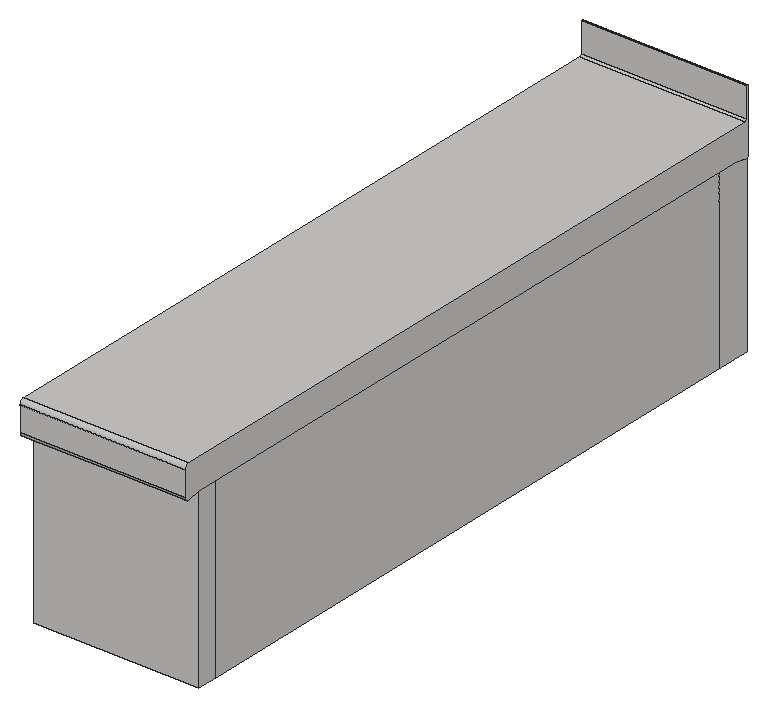
Revit family "QF_ELECTROLUXPROFESSIONAL_588561_MBNABBBOOO", category Attrezzature speciali, Revit 2020
Family settings
  Quota connettore circolare = Usa diametro
  Tipo di parte = Normale
  Basato su piano di lavoro = No
  Sempre verticale = Sì
  Taglio con vuoti quando caricato = No
  Condiviso = No
  Punto di calcolo locali = No
Parameters (values of type "Standard")
  Weight = 12.00 kg
  Watts = 0 W
  Volts = 0 V
  URL Manufacturer = "https://www.electroluxprofessional.com/"
  URL = "https://www.electroluxprofessional.com/"
  Steam Supply Size = 0"
  Steam Supply Minimum Pressure = 0.00 psi
  Steam Supply Maximum Pressure = 0.00 psi
  Steam Consumption per Hour = 0
  Refrigeration Suction Line Size = 0 mm
  Refrigeration Liquid Line Size = 0 mm
  Refrigerant Compressor Remote = yes
  Prospetto di default = 0 mm
  Phase = 0
  Modello = "MBNABBBOOO"
  Produttore = "Electrolux Professional"
  Length Actual = 200 mm  # constant formula
  Item Number = "588561"
  Hot Water Size = 0"
  Height Actual = 250 mm  # constant formula
  HP = "0 HP"
  Gas Size = 0"
  Gas KW = 0
  Gas Input Pressure = 0.0 Btu/h
  Direct Waste Size = 0"
  Descrizione = "WORK TOP,CLOSED,1-S,BACKSPL,200X850X250H"
  Depth Actual = 850 mm  # constant formula
  Cycle = 0 Hz
  Condensate Return Size = 0"
  Compressed Air Volume = 0 GPM
  Compressed Air Size = 0"
  Compressed Air Pressure = 0.00 psi
  Cold Water Size = 0"
  Accessory = yes
Reference planes
  plane 1 "BACK": y = 0
  plane 2: z = 0
  plane 3 "LEFT": x = 0
  plane 4 "RIGHT": x = 200
  plane 5 "FRONT": y = -850
  plane 6 "PLAIN": z = 900
  plane 7 "Center (Left/Right)": x = 100
  plane 8 "Center (Front/Back)": y = -425
  plane 9 "Grill": z = 888
  plane 10 "BASE": z = 650
  plane 11 "TOP": z = 938
  plane 12: x = 85
Forms (mm)
  Extrusion 1, solid, material "QF_Finishes_Stainless Steel"
    sketch origin (0, 0, 650) x (0, 1, 0) y (0, 0, 1)
      loop
        line (0, 288) -> (-2, 288) -> (-2, 252)
        arc (-2, 252) -> (-2.586, 250.586) -> (-4, 250) r 2
        line (-4, 250) -> (-845, 250)
        arc (-845, 250) -> (-848.536, 248.536) -> (-850, 245) r 5
        line (-850, 245) -> (-850, 214)
        arc (-850, 214) -> (-848.571, 210.936) -> (-845.305, 210.061) r 4
        line (-845.305, 210.061) -> (-830, 212.969) -> (-20, 212.969) -> (-4.695, 210.061)
        arc (-4.695, 210.061) -> (-1.429, 210.936) -> (0, 214) r 4
        line (0, 214) -> (0, 288)
    from 0 to 200
  Extrusion 2, solid, material "QF_Finishes_Stainless Steel"
    sketch origin (100, 296.4, 1869.2) x (0, 1, 0) y (0, 0, 1)
      loop
        line (-299.4, -1009.461) -> (-316.4, -1006.231) -> (-341.4, -1006.231) -> (-341.4, -1219.2) -> (-299.4, -1219.2) -> (-299.4, -1009.461)
    from -100 to 100
  Extrusion 3, solid, material "QF_Finishes_Stainless Steel"
    sketch origin (0, 0, 650) x (0, 1, 0) y (0, 0, 1)
      loop
        line (-45, 212.969) -> (-805, 212.969) -> (-805, 0) -> (-45, 0) -> (-45, 212.969)
    from 0 to 200
  Extrusion 4, solid, material "QF_Finishes_Stainless Steel"
    sketch origin (0, 0, 0) x (0, 1, 0) y (0, 0, 1)
      loop
        line (-805, 862.969) -> (-830, 862.969) -> (-830, 650) -> (-805, 650) -> (-805, 862.969)
    from 0 to 200
Lines and regions (mm)
  symbolic lines
    curve 1: line (0, -850, 0) -> (0, 0, 0)
    curve 2: line (0, -850, 888) -> (200, -850, 888)
    curve 3: line (200, 0, 888) -> (0, 0, 888)
    curve 4: line (200, -850, 888) -> (200, 0, 888)
    curve 5: line (200, -2, 888) -> (0, -2, 888)
Dimensions and locks
  plane 3 "LEFT" to plane 4 "RIGHT" = 200 mm
  plane 5 "FRONT" to plane 1 "BACK" = 850 mm
  equal spacing: plane 3 "LEFT", plane 7 "Center (Left/Right)", plane 4 "RIGHT"
  equal spacing: plane 5 "FRONT", plane 8 "Center (Front/Back)", plane 1 "BACK"
  locked: plane 6 "PLAIN" to level at 900
  plane 6 "PLAIN" to plane 10 "BASE" = 250 mm
  plane 11 "TOP" to plane 6 "PLAIN" = 38 mm
  locked: plane 12 to plane 4 "RIGHT" at 115
  aligned and locked: level to plane 2
  aligned and locked: Extrusion 4 to plane 3 "LEFT"
  aligned and locked: Extrusion 4 to plane 4 "RIGHT"
  aligned and locked: plane 3 "LEFT" to Extrusion 2
  aligned and locked: Extrusion 2 to plane 4 "RIGHT"
  aligned and locked: Extrusion 3 to plane 4 "RIGHT"
  aligned and locked: Extrusion 3 to plane 3 "LEFT"
  aligned and locked: Extrusion 1 to plane 3 "LEFT"
  aligned and locked: Extrusion 1 to plane 4 "RIGHT"
Automatic sketch dimensions
  plane 1 "BACK" to curve 1 = 0 mm
  curve 1 to plane 3 "LEFT" = 0 mm
  plane 5 "FRONT" to curve 1 = 0 mm
  Extrusion 1 sketch curve to plane 5 "FRONT" = 0 mm
  Extrusion 1 sketch curve to plane 6 "PLAIN" = 0 mm
  Extrusion 1 sketch curve to plane 11 "TOP" = 0 mm
  Extrusion 1 sketch curve to plane 1 "BACK" = 0 mm
  Extrusion 1 sketch curve to Extrusion 1 sketch curve = 4 mm
  Extrusion 1 sketch curve to Extrusion 1 sketch curve = 0.695 mm
  Extrusion 1 sketch curve to Extrusion 1 sketch curve = 5 mm
  Extrusion 1 sketch curve to Extrusion 1 sketch curve = 15.305 mm
  plane 1 "BACK" to Extrusion 1 sketch curve = 20 mm
  plane 1 "BACK" to Extrusion 1 sketch curve = 4.695 mm
  plane 1 "BACK" to Extrusion 1 sketch curve = 4 mm  (x2)
  plane 1 "BACK" to Extrusion 1 sketch curve = 2 mm
  Extrusion 1 sketch curve to plane 9 "Grill" = 24 mm  (x2)
  Extrusion 1 sketch curve to Extrusion 1 sketch curve = 2.909 mm
  Extrusion 2 sketch curve to plane 10 "BASE" = 0 mm
  plane 1 "BACK" to Extrusion 2 sketch curve = 45 mm
  plane 1 "BACK" to Extrusion 2 sketch curve = 20 mm
  plane 1 "BACK" to Extrusion 2 sketch curve = 3 mm
  Extrusion 2 sketch curve to plane 9 "Grill" = 28.261 mm
  Extrusion 2 sketch curve to plane 9 "Grill" = 25.031 mm
  Extrusion 3 sketch curve to plane 10 "BASE" = 0 mm
  Extrusion 3 sketch curve to plane 5 "FRONT" = 45 mm
  plane 1 "BACK" to Extrusion 3 sketch curve = 45 mm
  Extrusion 3 sketch curve to plane 9 "Grill" = 25.031 mm
  curve 2 to plane 4 "RIGHT" = 0 mm
  plane 5 "FRONT" to curve 2 = 0 mm
  curve 5 to plane 3 "LEFT" = 0 mm
  plane 1 "BACK" to curve 4 = 0 mm
  curve 3 to plane 3 "LEFT" = 0 mm
  curve 2 to plane 3 "LEFT" = 0 mm
  curve 5 to curve 3 = 2 mm
  Extrusion 4 sketch curve to plane 10 "BASE" = 0 mm
  Extrusion 4 sketch curve to plane 5 "FRONT" = 20 mm
  Extrusion 4 sketch curve to Extrusion 4 sketch curve = 25 mm
  Extrusion 4 sketch curve to plane 9 "Grill" = 25.031 mm
